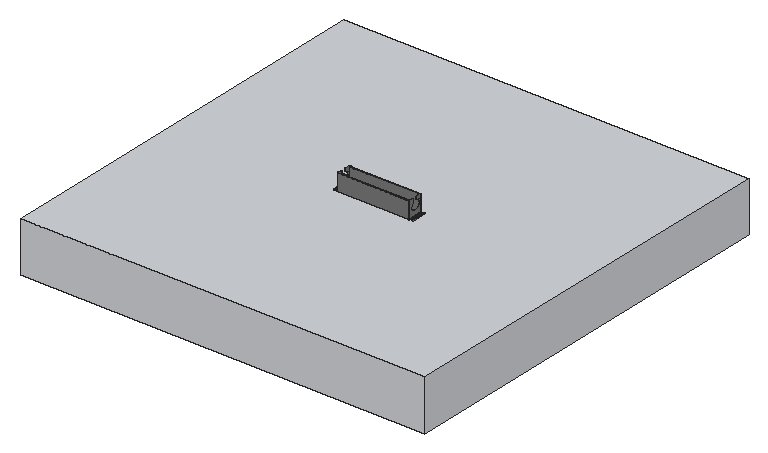
Revit family
Parameters (values of type "RIC3-36-01")
  Weight = 11.0 lbf
  U/M = "EA"
  U Space = "2"
  System = "MM & SM Fiber"
  Serial Number = "RIC3-36-01"
  Segment = "FIBER"
  Ports = "6"
  Model = "RIC"
  Metal = none
  Manufacturer = "SIEMON"
  Loaded/Empty = "Empty"
  Item Group = "FIBER MGMT"
  Item Class = "V1"
  Description = "ENCLOSURE,RIC3-36-01,BLACK"
  Default Elevation = 4' - 0"
  Color = "Black"
Reference planes (in)
  plane 1 "Center (Front/Back)": y = 0
  plane 2: z = 0
  plane 3 "Center (Left/Right)": x = 0
Forms (in)
  Extrusion 1, solid
    sketch origin (0, 0, 0) x (1, 0, 0) y (0, 1, 0)
      loop
        line (-48, 48) -> (-48, -48) -> (48, -48) -> (48, 48) -> (-48, 48)
    from 0 to -12
Dimensions and locks (in)
  aligned and locked: plane 2 to Extrusion 1
  aligned and locked: level to Extrusion 1
Nested families (in)
  nested 1: "RIC3-36-01[1]" at (0, -1.02314, -5.17345), type "RIC3-36-01[1]"
Definition of nested family "RIC3-36-01[1]"
  Parameters (values of type "RIC3-36-01[1]")
    White Paper = White Paper
    Weight = "3.85 kgs (8.5 lbs)"
    UL Rating = "UL 1863"
    U Space / Capacity = "2U / 6 Adapter Plates"
    Text1 = Symbol
    Text = Text
    SilverAlluminium = Silver Alluminium
    Rubber = Rubber
    Part Number = "RIC3-36-01"
    Material = Aluminum w/cold rolled steel (CRS) cover and plastic accessories
    Manufacturer Contact Info / Website = "www.siemon.com"
    Manufacturer = "Siemon"
    Dimensions (H x W x D) = "90mm x 432mm x 380mm\r\n(3.5 in. x 17.0 in. x 14.95 in.)"
    Description = "36-144 port Fiber Enclosure"
    Clearance = "127mm (5.0 in.) Front\r\n254mm (10.0 in.) Rear"
    Black Plastic = Black Plastic
    Assembly Code = ""
  Reference planes (in)
    plane 1 "Center (Front/Back)": y = 1.02314
    plane 2: z = 5.17345
    plane 3 "Center (Left/Right)": x = 0
  Forms (in)
    Extrusion 1, solid, material "Aluminum w/cold rolled steel (CRS) cover and plastic accessories" <- "Material"
      sketch origin (-8.50051, -2.27904, 2.27904) x (0, 0, -1) y (0, -1, 0)
        loop
          arc (-0.062, -3.49271) -> (0.02639, -3.4561) -> (0.063, -3.3677) r 0.12501
          line (0.063, -3.3677) -> (0.063, -0.21751)
          arc (0.063, -0.21751) -> (0.02639, -0.12912) -> (-0.062, -0.09251) r 0.12501
          line (-0.062, -0.09251) -> (-2.81817, -0.09251) -> (-2.81817, -3.49271) -> (-0.062, -3.49271)
      from 0 to 0.08
    Extrusion 2, solid, material "Aluminum w/cold rolled steel (CRS) cover and plastic accessories" <- "Material"
      sketch origin (0, -2.27904, 5.21613) x (0, -1, 0) y (1, 0, 0)
        loop
          line (-3.3677, -9.50057) -> (-0.21751, -9.50057)
          arc (-0.21751, -9.50057) -> (-0.12912, -9.46396) -> (-0.09251, -9.37556) r 0.12501
          line (-0.09251, -9.37556) -> (-0.09251, -8.61952) -> (-3.49271, -8.61952) -> (-3.49271, -9.37556)
          arc (-3.49271, -9.37556) -> (-3.4561, -9.46396) -> (-3.3677, -9.50057) r 0.12501
        loop
          arc (-3.43321, -9.22106) -> (-3.2927, -9.36156) -> (-3.15219, -9.22106) r 0.14051
          line (-3.15219, -9.22106) -> (-3.15219, -9.09605)
          arc (-3.15219, -9.09605) -> (-3.2927, -8.95554) -> (-3.43321, -9.09605) r 0.14051
          line (-3.43321, -9.09605) -> (-3.43321, -9.22106)
        loop
          arc (-2.72016, -9.01804) -> (-2.86067, -9.15855) -> (-2.72016, -9.29906) r 0.14051
          line (-2.72016, -9.29906) -> (-2.59516, -9.29906)
          arc (-2.59516, -9.29906) -> (-2.45465, -9.15855) -> (-2.59516, -9.01804) r 0.14051
          line (-2.59516, -9.01804) -> (-2.72016, -9.01804)
        loop
          arc (-2.02712, -9.01804) -> (-2.16763, -9.15855) -> (-2.02712, -9.29906) r 0.14051
          line (-2.02712, -9.29906) -> (-1.55809, -9.29906)
          arc (-1.55809, -9.29906) -> (-1.41759, -9.15855) -> (-1.55809, -9.01804) r 0.14051
          line (-1.55809, -9.01804) -> (-2.02712, -9.01804)
        loop
          arc (-0.99006, -9.01804) -> (-1.13057, -9.15855) -> (-0.99006, -9.29906) r 0.14051
          line (-0.99006, -9.29906) -> (-0.86505, -9.29906)
          arc (-0.86505, -9.29906) -> (-0.72454, -9.15855) -> (-0.86505, -9.01804) r 0.14051
          line (-0.86505, -9.01804) -> (-0.99006, -9.01804)
        loop
          arc (-0.43303, -9.22106) -> (-0.29252, -9.36156) -> (-0.15201, -9.22106) r 0.14051
          line (-0.15201, -9.22106) -> (-0.15201, -9.09605)
          arc (-0.15201, -9.09605) -> (-0.29252, -8.95554) -> (-0.43303, -9.09605) r 0.14051
          line (-0.43303, -9.09605) -> (-0.43303, -9.22106)
      from -0.00008 to 0.07992
    Extrusion 3, solid, material "Aluminum w/cold rolled steel (CRS) cover and plastic accessories" <- "Material"
      sketch origin (0, -2.18654, 2.27904) x (0, 0, -1) y (-1, 0, 0)
        loop
          line (-2.81817, 8.50051) -> (-2.81817, 8.58052)
          arc (-2.81817, 8.58052) -> (-2.84575, 8.59194) -> (-2.85717, 8.61952) r 0.039
          line (-2.85717, 8.61952) -> (-2.93718, 8.61952)
          arc (-2.93718, 8.61952) -> (-2.90232, 8.53537) -> (-2.81817, 8.50051) r 0.11901
      from 0 to 3.4002
    Extrusion 4, solid, material "Aluminum w/cold rolled steel (CRS) cover and plastic accessories" <- "Material"
      sketch origin (-8.42059, -2.27904, 2.27904) x (0, 0, -1) y (0, -1, 0)
        loop
          line (-6.87541, -2.51015) -> (-6.87541, -3.2902) -> (6.87541, -3.2902) -> (6.87541, -2.51015)
          arc (6.87541, -2.51015) -> (6.80219, -2.33336) -> (6.6254, -2.26014) r 0.25002
          line (6.6254, -2.26014) -> (6.41757, -2.26014)
          arc (6.41757, -2.26014) -> (6.27414, -2.30537) -> (6.18261, -2.42469) r 0.25002
          arc (6.18261, -2.42469) -> (4.59069, -3.03005) -> (4.22391, -1.36688) r 1.12507
          arc (4.22391, -1.36688) -> (4.23566, -1.25505) -> (4.14297, -1.19138) r 0.10994
          arc (4.14297, -1.19138) -> (4.07927, -1.12833) -> (4.10161, -1.04153) r 0.09001
          arc (4.10161, -1.04153) -> (4.56007, -0.72648) -> (5.10407, -0.61019) r 1.43009
          arc (5.10407, -0.61019) -> (5.18245, -0.65366) -> (5.18443, -0.74326) r 0.09001
          arc (5.18443, -0.74326) -> (5.16693, -0.85434) -> (5.25621, -0.9227) r 0.10994
          arc (5.25621, -0.9227) -> (5.58444, -1.013) -> (5.87063, -1.19734) r 1.12507
          arc (5.87063, -1.19734) -> (5.9477, -1.24387) -> (6.03626, -1.26008) r 0.25002
          line (6.03626, -1.26008) -> (6.6254, -1.26008)
          arc (6.6254, -1.26008) -> (6.80219, -1.18685) -> (6.87541, -1.01006) r 0.25002
          line (6.87541, -1.01006) -> (6.87541, -0.20901) -> (-6.87541, -0.20901) -> (-6.87541, -1.01006)
          arc (-6.87541, -1.01006) -> (-6.80219, -1.18685) -> (-6.6254, -1.26008) r 0.25002
          line (-6.6254, -1.26008) -> (-6.03626, -1.26008)
          arc (-6.03626, -1.26008) -> (-5.9477, -1.24387) -> (-5.87063, -1.19734) r 0.25002
          arc (-5.87063, -1.19734) -> (-5.58444, -1.013) -> (-5.25621, -0.9227) r 1.12507
          arc (-5.25621, -0.9227) -> (-5.16693, -0.85434) -> (-5.18443, -0.74326) r 0.10994
          arc (-5.18443, -0.74326) -> (-5.18245, -0.65366) -> (-5.10407, -0.61019) r 0.09001
          arc (-5.10407, -0.61019) -> (-4.56007, -0.72648) -> (-4.10161, -1.04153) r 1.43009
          arc (-4.10161, -1.04153) -> (-4.07927, -1.12833) -> (-4.14297, -1.19138) r 0.09001
          arc (-4.14297, -1.19138) -> (-4.23566, -1.25505) -> (-4.22391, -1.36688) r 0.10994
          arc (-4.22391, -1.36688) -> (-4.59069, -3.03005) -> (-6.18261, -2.42469) r 1.12507
          arc (-6.18261, -2.42469) -> (-6.27414, -2.30537) -> (-6.41757, -2.26014) r 0.25002
          line (-6.41757, -2.26014) -> (-6.6254, -2.26014)
          arc (-6.6254, -2.26014) -> (-6.80219, -2.33336) -> (-6.87541, -2.51015) r 0.25002
      from 0 to 0.07992
    Extrusion 5, solid, material "Aluminum w/cold rolled steel (CRS) cover and plastic accessories" <- "Material"
      sketch origin (0, 1.13617, 2.27904) x (0, 0, -1) y (-1, 0, 0)
        loop
          line (6.78819, -8.50051) -> (6.78819, 8.50051) -> (-6.79019, 8.50051) -> (-6.79019, -8.50051) -> (6.78819, -8.50051)
        loop
          circle (-6.25138, 8.2505) r 0.07
        loop
          circle (-2.08413, 8.2505) r 0.07
        loop
          circle (2.08313, 8.2505) r 0.07
        loop
          circle (-2.08413, -8.2505) r 0.07
        loop
          circle (-6.25138, -8.2505) r 0.07
        loop
          circle (2.08313, -8.2505) r 0.07
        loop
          circle (6.25038, -8.2505) r 0.07
        loop
          circle (6.25038, 8.2505) r 0.07
      from 0 to 0.05
    Extrusion 6, solid, material "Silver Alluminium" <- "SilverAlluminium"
      sketch origin (0, -2.27904, 2.27904) x (0, -1, 0) y (1, 0, 0)
        loop
          arc (-3.42071, -8.41801) -> (-3.40606, -8.45336) -> (-3.3707, -8.46801) r 0.05
          line (-3.3707, -8.46801) -> (-0.71054, -8.46801)
          arc (-0.71054, -8.46801) -> (-0.67519, -8.45336) -> (-0.66054, -8.41801) r 0.05
          line (-0.66054, -8.41801) -> (-0.66054, 8.42301)
          arc (-0.66054, 8.42301) -> (-0.67519, 8.45836) -> (-0.71054, 8.47301) r 0.05
          line (-0.71054, 8.47301) -> (-3.3707, 8.47301)
          arc (-3.3707, 8.47301) -> (-3.40606, 8.45836) -> (-3.42071, 8.42301) r 0.05
          line (-3.42071, 8.42301) -> (-3.42071, -8.41801)
        loop
          line (-1.7006, 0.38552) -> (-2.70066, 0.38552) -> (-2.70066, -0.39052) -> (-1.7006, -0.39052) -> (-1.7006, 0.38552)
      from -7.00392 to -6.88591
    Extrusion 7, void
      sketch origin (-0.38909, 1.05572, 1.73511) x (0, -0.5, -0.866025) y (-1, 0, 0)
        loop
          line (4.56301, 8.00559) -> (4.56301, 7.95529)
          arc (4.56301, 7.95529) -> (4.57549, 7.9428) -> (4.58798, 7.95529) r 0.01249
          line (4.58798, 7.95529) -> (4.58798, 8.00559)
          arc (4.58798, 8.00559) -> (4.57549, 8.01808) -> (4.56301, 8.00559) r 0.01249
      from 0 to 0.27629
    Extrusion 8, solid, material "Aluminum w/cold rolled steel (CRS) cover and plastic accessories" <- "Material"
      sketch origin (0, -2.27904, 2.27904) x (0, 0, -1) y (-1, 0, 0)
        loop
          line (6.87541, -8.3815) -> (6.87541, 8.3815) -> (-6.87541, 8.3815) -> (-6.87541, -8.3815) -> (6.87541, -8.3815)
        loop
          circle (5.59934, -7.00042) r 0.75005
        loop
          circle (5.59934, 7.00042) r 0.75005
      from 0.09001 to 0.17001
    Extrusion 9, solid, material "Aluminum w/cold rolled steel (CRS) cover and plastic accessories" <- "Material"
      sketch origin (-14.09385, -2.27904, 2.27904) x (0, 0, -1) y (0, -1, 0)
        loop
          line (6.87541, -0.09016) -> (6.87541, -0.17047)
          arc (6.87541, -0.17047) -> (6.90678, -0.17939) -> (6.92042, -0.20901) r 0.039
          line (6.92042, -0.20901) -> (7.00042, -0.20901)
          arc (7.00042, -0.20901) -> (6.96342, -0.12277) -> (6.87541, -0.09016) r 0.11901
        loop
          arc (-6.87541, -0.09016) -> (-6.96342, -0.12277) -> (-7.00042, -0.20901) r 0.11901
          line (-7.00042, -0.20901) -> (-6.92042, -0.20901)
          arc (-6.92042, -0.20901) -> (-6.90678, -0.17939) -> (-6.87541, -0.17047) r 0.039
          line (-6.87541, -0.17047) -> (-6.87541, -0.09016)
      from -8.2255 to -5.86835
    Extrusion 10, solid, material "Aluminum w/cold rolled steel (CRS) cover and plastic accessories" <- "Material"
      sketch origin (8.50051, -2.27904, 2.27904) x (0, 0, -1) y (0, 1, 0)
        loop
          line (-0.062, 3.49271) -> (-2.81817, 3.49271) -> (-2.81817, 0.09251) -> (-0.062, 0.09251)
          arc (-0.062, 0.09251) -> (0.02639, 0.12912) -> (0.063, 0.21751) r 0.12501
          line (0.063, 0.21751) -> (0.063, 3.3677)
          arc (0.063, 3.3677) -> (0.02639, 3.4561) -> (-0.062, 3.49271) r 0.12501
      from 0 to 0.08
    Extrusion 11, solid, material "Aluminum w/cold rolled steel (CRS) cover and plastic accessories" <- "Material"
      sketch origin (0, -2.27904, 5.21613) x (0, 1, 0) y (-1, 0, 0)
        loop
          arc (3.3677, -9.50057) -> (3.4561, -9.46396) -> (3.49271, -9.37556) r 0.12501
          line (3.49271, -9.37556) -> (3.49271, -8.61952) -> (0.09251, -8.61952) -> (0.09251, -9.37556)
          arc (0.09251, -9.37556) -> (0.12912, -9.46396) -> (0.21751, -9.50057) r 0.12501
          line (0.21751, -9.50057) -> (3.3677, -9.50057)
        loop
          line (3.43321, -9.22106) -> (3.43321, -9.09605)
          arc (3.43321, -9.09605) -> (3.2927, -8.95554) -> (3.15219, -9.09605) r 0.14051
          line (3.15219, -9.09605) -> (3.15219, -9.22106)
          arc (3.15219, -9.22106) -> (3.2927, -9.36156) -> (3.43321, -9.22106) r 0.14051
        loop
          line (2.72016, -9.01804) -> (2.59516, -9.01804)
          arc (2.59516, -9.01804) -> (2.45465, -9.15855) -> (2.59516, -9.29906) r 0.14051
          line (2.59516, -9.29906) -> (2.72016, -9.29906)
          arc (2.72016, -9.29906) -> (2.86067, -9.15855) -> (2.72016, -9.01804) r 0.14051
        loop
          line (2.02712, -9.01804) -> (1.55809, -9.01804)
          arc (1.55809, -9.01804) -> (1.41759, -9.15855) -> (1.55809, -9.29906) r 0.14051
          line (1.55809, -9.29906) -> (2.02712, -9.29906)
          arc (2.02712, -9.29906) -> (2.16763, -9.15855) -> (2.02712, -9.01804) r 0.14051
        loop
          line (0.99006, -9.01804) -> (0.86505, -9.01804)
          arc (0.86505, -9.01804) -> (0.72454, -9.15855) -> (0.86505, -9.29906) r 0.14051
          line (0.86505, -9.29906) -> (0.99006, -9.29906)
          arc (0.99006, -9.29906) -> (1.13057, -9.15855) -> (0.99006, -9.01804) r 0.14051
        loop
          line (0.43303, -9.22106) -> (0.43303, -9.09605)
          arc (0.43303, -9.09605) -> (0.29252, -8.95554) -> (0.15201, -9.09605) r 0.14051
          line (0.15201, -9.09605) -> (0.15201, -9.22106)
          arc (0.15201, -9.22106) -> (0.29252, -9.36156) -> (0.43303, -9.22106) r 0.14051
      from -0.00008 to 0.07992
    Extrusion 12, solid, material "Aluminum w/cold rolled steel (CRS) cover and plastic accessories" <- "Material"
      sketch origin (0, -2.18654, 2.27904) x (0, 0, -1) y (-1, 0, 0)
        loop
          arc (-2.81817, -8.50051) -> (-2.90232, -8.53537) -> (-2.93718, -8.61952) r 0.11901
          line (-2.93718, -8.61952) -> (-2.85717, -8.61952)
          arc (-2.85717, -8.61952) -> (-2.84575, -8.59194) -> (-2.81817, -8.58052) r 0.039
          line (-2.81817, -8.58052) -> (-2.81817, -8.50051)
      from 0 to 3.4002
    Extrusion 13, solid, material "Aluminum w/cold rolled steel (CRS) cover and plastic accessories" <- "Material"
      sketch origin (8.27943, -2.27904, 2.27904) x (0, 0, -1) y (0, 1, 0)
        loop
          arc (-6.87541, 2.51015) -> (-6.80219, 2.33336) -> (-6.6254, 2.26014) r 0.25002
          line (-6.6254, 2.26014) -> (-6.41757, 2.26014)
          arc (-6.41757, 2.26014) -> (-6.27414, 2.30537) -> (-6.18261, 2.42469) r 0.25002
          arc (-6.18261, 2.42469) -> (-4.59069, 3.03005) -> (-4.22391, 1.36688) r 1.12507
          arc (-4.22391, 1.36688) -> (-4.23566, 1.25505) -> (-4.14297, 1.19138) r 0.10994
          arc (-4.14297, 1.19138) -> (-4.07927, 1.12833) -> (-4.10161, 1.04153) r 0.09001
          arc (-4.10161, 1.04153) -> (-4.56007, 0.72648) -> (-5.10407, 0.61019) r 1.43009
          arc (-5.10407, 0.61019) -> (-5.18245, 0.65366) -> (-5.18443, 0.74326) r 0.09001
          arc (-5.18443, 0.74326) -> (-5.16693, 0.85434) -> (-5.25621, 0.9227) r 0.10994
          arc (-5.25621, 0.9227) -> (-5.58444, 1.013) -> (-5.87063, 1.19734) r 1.12507
          arc (-5.87063, 1.19734) -> (-5.9477, 1.24387) -> (-6.03626, 1.26008) r 0.25002
          line (-6.03626, 1.26008) -> (-6.6254, 1.26008)
          arc (-6.6254, 1.26008) -> (-6.80219, 1.18685) -> (-6.87541, 1.01006) r 0.25002
          line (-6.87541, 1.01006) -> (-6.87541, 0.20901) -> (6.87541, 0.20901) -> (6.87541, 1.01006)
          arc (6.87541, 1.01006) -> (6.80219, 1.18685) -> (6.6254, 1.26008) r 0.25002
          line (6.6254, 1.26008) -> (6.03626, 1.26008)
          arc (6.03626, 1.26008) -> (5.9477, 1.24387) -> (5.87063, 1.19734) r 0.25002
          arc (5.87063, 1.19734) -> (5.58444, 1.013) -> (5.25621, 0.9227) r 1.12507
          arc (5.25621, 0.9227) -> (5.16693, 0.85434) -> (5.18443, 0.74326) r 0.10994
          arc (5.18443, 0.74326) -> (5.18245, 0.65366) -> (5.10407, 0.61019) r 0.09001
          arc (5.10407, 0.61019) -> (4.56007, 0.72648) -> (4.10161, 1.04153) r 1.43009
          arc (4.10161, 1.04153) -> (4.07927, 1.12833) -> (4.14297, 1.19138) r 0.09001
          arc (4.14297, 1.19138) -> (4.23566, 1.25505) -> (4.22391, 1.36688) r 0.10994
          arc (4.22391, 1.36688) -> (4.59069, 3.03005) -> (6.18261, 2.42469) r 1.12507
          arc (6.18261, 2.42469) -> (6.27414, 2.30537) -> (6.41757, 2.26014) r 0.25002
          line (6.41757, 2.26014) -> (6.6254, 2.26014)
          arc (6.6254, 2.26014) -> (6.80219, 2.33336) -> (6.87541, 2.51015) r 0.25002
          line (6.87541, 2.51015) -> (6.87541, 3.2902) -> (-6.87541, 3.2902) -> (-6.87541, 2.51015)
      from 0.14108 to 0.22108
    Sweep 14, solid, material "Silver Alluminium" <- "SilverAlluminium"
      path origin (0, -2.27904, 2.27904) x (1, 0, 0) y (0, 1, 0)
        loop
          line (-8.41801, 0.63054) -> (8.42301, 0.63054)
          arc (8.42301, 0.63054) -> (8.47958, 0.65397) -> (8.50301, 0.71054) r 0.08
          line (8.50301, 0.71054) -> (8.50301, 3.3707)
          arc (8.50301, 3.3707) -> (8.47958, 3.42728) -> (8.42301, 3.45071) r 0.08
          line (8.42301, 3.45071) -> (-8.41801, 3.45071)
          arc (-8.41801, 3.45071) -> (-8.47458, 3.42728) -> (-8.49801, 3.3707) r 0.08
          line (-8.49801, 3.3707) -> (-8.49801, 0.71054)
          arc (-8.49801, 0.71054) -> (-8.47458, 0.65397) -> (-8.41801, 0.63054) r 0.08
      profile origin (0.0025, 1.17167, 2.27904) x (0, -1, 0) y (0, 0, 1)
        loop
          arc (0, -6.97392) -> (0.00879, -6.99513) -> (0.03, -7.00392) r 0.03
          line (0.03, -7.00392) -> (0.03, -6.88591)
          arc (0.03, -6.88591) -> (0.00879, -6.8947) -> (0, -6.91592) r 0.03
          line (0, -6.91592) -> (0, -6.97392)
    Extrusion 15, solid, material "Silver Alluminium" <- "SilverAlluminium"
      sketch origin (0, -2.27904, 2.27904) x (1, 0, 0) y (0, 1, 0)
        loop
          arc (-8.41801, 3.42071) -> (-8.45336, 3.40606) -> (-8.46801, 3.3707) r 0.05
          line (-8.46801, 3.3707) -> (-8.46801, 0.71054)
          arc (-8.46801, 0.71054) -> (-8.45336, 0.67519) -> (-8.41801, 0.66054) r 0.05
          line (-8.41801, 0.66054) -> (8.42301, 0.66054)
          arc (8.42301, 0.66054) -> (8.45836, 0.67519) -> (8.47301, 0.71054) r 0.05
          line (8.47301, 0.71054) -> (8.47301, 3.3707)
          arc (8.47301, 3.3707) -> (8.45836, 3.40606) -> (8.42301, 3.42071) r 0.05
          line (8.42301, 3.42071) -> (-8.41801, 3.42071)
        loop
          line (0.38552, 1.7006) -> (0.38552, 2.70066) -> (-0.39052, 2.70066) -> (-0.39052, 1.7006) -> (0.38552, 1.7006)
      from -7.00392 to -6.88591
    Extrusion 16, solid, material "Aluminum w/cold rolled steel (CRS) cover and plastic accessories" <- "Material"
      sketch origin (-0.50995, -2.27904, 2.27904) x (0, 0, 1) y (0, -1, 0)
        loop
          circle (-6.40039, -0.56503) r 0.11811
      from 8.68597 to 9.01046
    Extrusion 17, solid, material "Aluminum w/cold rolled steel (CRS) cover and plastic accessories" <- "Material"
      sketch origin (0, -4.03991, 2.27904) x (0, 0, -1) y (-1, 0, 0)
        loop
          line (6.75041, -8.3755) -> (6.75041, 8.3815) -> (-6.75041, 8.3815) -> (-6.75041, -8.3755) -> (6.75041, -8.3755)
      from 5.09607 to 5.17607
    Extrusion 18, void
      sketch origin (-0.38909, 1.05572, 2.82297) x (0, -0.5, 0.866025) y (1, 0, 0)
        loop
          arc (4.56301, -8.00559) -> (4.57549, -8.01808) -> (4.58798, -8.00559) r 0.01249
          line (4.58798, -8.00559) -> (4.58798, -7.95529)
          arc (4.58798, -7.95529) -> (4.57549, -7.9428) -> (4.56301, -7.95529) r 0.01249
          line (4.56301, -7.95529) -> (4.56301, -8.00559)
      from 0 to 0.27629
    Extrusion 19, void
      sketch origin (0.38909, 1.05572, 1.73511) x (0, -0.5, -0.866025) y (-1, 0, 0)
        loop
          arc (4.56301, -8.00559) -> (4.57549, -8.01808) -> (4.58798, -8.00559) r 0.01249
          line (4.58798, -8.00559) -> (4.58798, -7.95529)
          arc (4.58798, -7.95529) -> (4.57549, -7.9428) -> (4.56301, -7.95529) r 0.01249
          line (4.56301, -7.95529) -> (4.56301, -8.00559)
      from 0 to 0.27629
    Extrusion 20, void
      sketch origin (0.38909, 1.05572, 2.82297) x (0, -0.5, 0.866025) y (1, 0, 0)
        loop
          line (4.56301, 8.00559) -> (4.56301, 7.95529)
          arc (4.56301, 7.95529) -> (4.57549, 7.9428) -> (4.58798, 7.95529) r 0.01249
          line (4.58798, 7.95529) -> (4.58798, 8.00559)
          arc (4.58798, 8.00559) -> (4.57549, 8.01808) -> (4.56301, 8.00559) r 0.01249
      from 0 to 0.27629
  Lines and regions (in)
    reference lines
      curve 1: line (-9.17323, 1.02314, 4.29525) -> (-9.17323, 1.02314, -1.41341)
      curve 2: line (9.17323, 1.02314, 4.29525) -> (9.17323, 1.02314, -1.41341)
      curve 3: line (-10.55118, 1.02314, 5.17345) -> (10.70866, 1.02314, 5.17345)
  Dimensions and locks (in)
    curve 1 to plane 3 "Center (Left/Right)" to curve 2 = 0' - 9.17323", 0' - 9.17323"
